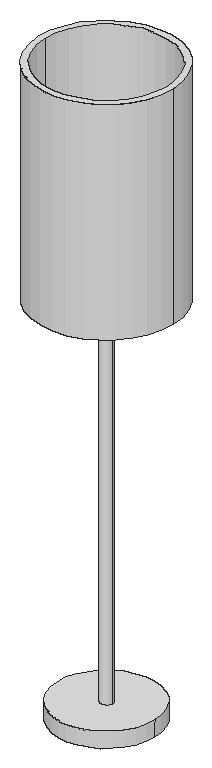
Revit family "Lighting-Surface-Amerlux-Rook-250-Mini-Direct", category Lighting Fixtures, host Face, Revit 2020
Family settings
  Host = Face
  Round Connector Dimension = Use Diameter
  Part Type = Normal
  Cut with Voids When Loaded = No
  Light Source = Yes
  Shared = No
  Room Calculation Point = No
Parameters (values of type "RK250MRD")
  Wattage = 9.2903 W
  built-in parameter 1150110 = 1 (stored number, unit not read)
  Voltage = 0 V
  URL = "http://www.amerlux.com/"
  built-in parameter 1114217 = 1 (stored number, unit not read)
  Tilt Angle = -90.00°
  built-in parameter 1150109 = 1 (stored number, unit not read)
  built-in parameter 1150134 = 3
  Suspension Length [instance] = 1' - 0"
  built-in parameter 1150113 = 1 (stored number, unit not read)
  Power Factor = 1
  Photometric Web File = "Load File"
  Number of Poles = 1
  built-in parameter 1150142 = (empty or 0)
  Model = "Rook 250 Mini"
  Manufacturer = "Amerlux"
  built-in parameter 1150105 = 109.82 (stored number, unit not read)
  Lumens = 1380 lm
  built-in parameter 1150115 = 1 (stored number, unit not read)
  built-in parameter 1150137 = (empty or 0)
  built-in parameter 1150139 = (empty or 0)
  built-in parameter 1150112 = 1 (stored number, unit not read)
  built-in parameter 1150114 = 1 (stored number, unit not read)
  built-in parameter 1150132 = (empty or 0)
  built-in parameter 1150102 = (empty or 0)
  built-in parameter 1150107 = 3200 (stored number, unit not read)
  built-in parameter 1150138 = (empty or 0)
  built-in parameter 1150106 = 1.0982 (stored number, unit not read)
  Height = 0' - 4 5/16"
  Fixture Finish = Aluminum Finish
  Emit from Circle Diameter = 0' - 2 1/2"
  Emit Shape Visible in Rendering = no
  built-in parameter 1150104 = 13.8 (stored number, unit not read)
  Dimming Lamp Color Temperature Shift = <None>
  Description = "Pendant"
  Default Elevation = 4' - 0"
  Color Filter = 16777215
  built-in parameter 1114218 = 1 (stored number, unit not read)
  built-in parameter 1150133 = 10 (stored number, unit not read)
  Apparent Load = 0 VA
Reference planes (in)
  plane 1 "Center (Front/Back)": y = 0
  plane 2: z = 0
  plane 3 "Center (Left/Right)": x = 0
  plane 4: z = 0
  plane 5: z = 12
Forms (in)
  Extrusion 1, solid, material "Aluminum Finish"
    sketch origin (0, 0, 0) x (1, 0, 0) y (0, 1, 0)
      loop
        circle (0, 0) r 1.375
    from 7.6875 to 12
  Extrusion 2, solid, material "Aluminum Finish"
    sketch origin (0, 0, 0) x (1, 0, 0) y (0, 1, 0)
      loop
        circle (0, 0) r 0.12492
    from 0 to 7.6875
  Extrusion 3, solid, material "Aluminum Finish"
    sketch origin (0, 0, 0) x (1, 0, 0) y (0, 1, 0)
      loop
        circle (0, 0) r 1
    from 0 to 0.31343
  Extrusion 4, void
    sketch origin (0, 0, 0) x (1, 0, 0) y (0, 1, 0)
      loop
        circle (0, 0) r 1.25
    from 10.12399 to 12
Cuts and joins
  Extrusion 4 cuts Extrusion 2
  Extrusion 4 cuts Extrusion 3
  Extrusion 4 cuts Extrusion 1
Dimensions and locks (in)
  plane 4 to host face = 0' - 0"
  "Height": Extrusion 1 to Extrusion 1
  "Suspension Length": plane 5 to host face
  locked: Extrusion 4 to Extrusion 1 at 1.87601
  diameter of Extrusion 1 sketch curve = 0' - 2 3/4"
  aligned and locked: plane 2 to host face
  aligned and locked: level to host face
  aligned and locked: plane 3 "Center (Left/Right)" to imposter light
  aligned and locked: imposter light to plane 1 "Center (Front/Back)"
  aligned and locked: plane 5 to Extrusion 1
  aligned and locked: plane 5 to imposter light
  aligned and locked: Extrusion 2 to Extrusion 1
  aligned and locked: Extrusion 2 to level
  aligned and locked: imposter light to Extrusion 4
Automatic sketch dimensions
  host sketch curve to host sketch curve = 8' - 0"  (x2)
  plane 1 "Center (Front/Back)" to Extrusion 1 sketch curve = 0' - 0"
  Extrusion 1 sketch curve to plane 3 "Center (Left/Right)" = 0' - 0"
  plane 1 "Center (Front/Back)" to Extrusion 2 sketch curve = 0' - 0"
  Extrusion 2 sketch curve to plane 3 "Center (Left/Right)" = 0' - 0"
  plane 1 "Center (Front/Back)" to Extrusion 3 sketch curve = 0' - 0"
  Extrusion 3 sketch curve to plane 3 "Center (Left/Right)" = 0' - 0"
  plane 1 "Center (Front/Back)" to Extrusion 4 sketch curve = 0' - 0"
  Extrusion 4 sketch curve to plane 3 "Center (Left/Right)" = 0' - 0"
  radius of Extrusion 2 sketch curve = 0' - 0.12492"
  radius of Extrusion 3 sketch curve = 0' - 1"
  radius of Extrusion 4 sketch curve = 0' - 1 1/4"
Connectors (in)
  electrical at (0, 0, 0), driven by "Number of Poles", driven by "Voltage", driven by "Apparent Load", driven by "Power Factor"
    settings: on cut or joined group of Extrusion 3, Extrusion 4, index 1, voltage 0 V, apparent load 0 VA, apparent load phase1 0 VA, apparent load phase2 0 VA, apparent load phase3 0 VA, power factor 1, load classification "Other", number of poles 1, system type 31, power factor state 1, is connector primary yes, connector utility no, sub classification motor no, connector description ""
